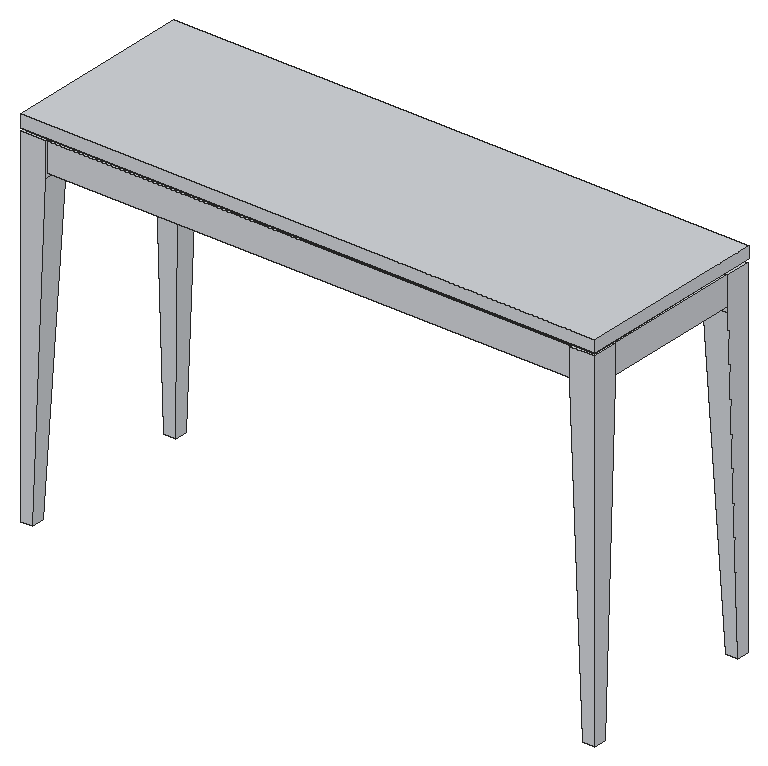
Revit family "1001 - Cindy Console Table - Tapered Legs", category Furniture, Revit 2020
Family settings
  OmniClass Number = 23.40.20.00
  OmniClass Title = General Furniture and Specialties
  Work Plane-Based = No
  Always vertical = Yes
  Cut with Voids When Loaded = No
  Shared = No
  Room Calculation Point = No
Parameters
  Default Elevation = 0 mm
Reference planes
  plane 1 "Center (Front/Back)": y = 0
  plane 2: z = 0
  plane 3 "Center (Left/Right)": x = 0
  plane 4: x = -600
  plane 5: x = 600
  plane 6: y = 200
  plane 7: y = -200
  plane 8: z = 660.003
  plane 9: z = 670.003
  plane 10: z = 730.003
  plane 11: z = 737.003
  plane 12: z = 762.003
  plane 13: x = -547.001
  plane 14: x = 547
  plane 15: x = -593
  plane 16: x = 593
  plane 17: y = 193
  plane 18: y = -193
  plane 19: y = -147
  plane 20: y = 147
  plane 21: y = -197
  plane 22: x = -597
  plane 23: x = -577
  plane 24: y = -177
Forms (mm)
  SweptBlend 1, solid
    path origin (0, 0, 0) x (1, 0, 0) y (0, 0, 1)
      loop
        line (-600, 0) -> (-600, 660.003)
    profile origin (-600, 0, 0) x (-1, 0, 0) y (0, -1, 0)
      loop
        line (-1, 199) -> (-25.999, 199) -> (-25.999, 174) -> (-1, 174) -> (-1, 199)
    end profile origin (-600, 0, 660.003) x (-1, 0, 0) y (0, -1, 0)
      loop
        line (-1, 199) -> (-52.999, 199) -> (-52.999, 147) -> (-1, 147) -> (-1, 199)
  Extrusion 2, solid
    sketch origin (0, 0, 0) x (1, 0, 0) y (0, 1, 0)
      loop
        line (-599, -199) -> (-547.001, -199) -> (-547.001, -147) -> (-599, -147) -> (-599, -199)
    from 660.003 to 730.003
  SweptBlend 3, solid
    path origin (0, 0, 0) x (-1, 0, 0) y (0, 0, 1)
      loop
        line (-600, 0) -> (-600, 660.003)
    profile origin (600, 0, 0) x (-1, 0, 0) y (0, -1, 0)
      loop
        line (1, 199) -> (1, 174) -> (25.999, 174) -> (25.999, 199) -> (1, 199)
    end profile origin (600, 0, 660.003) x (-1, 0, 0) y (0, -1, 0)
      loop
        line (1, 199) -> (1, 147) -> (52.999, 147) -> (52.999, 199) -> (1, 199)
  Extrusion 4, solid
    sketch origin (0, 0, 0) x (-1, 0, 0) y (0, -1, 0)
      loop
        line (-599, 199) -> (-599, 147) -> (-547.001, 147) -> (-547.001, 199) -> (-599, 199)
    from 660.003 to 730.003
  SweptBlend 5, solid
    path origin (0, 0, 0) x (1, 0, 0) y (0, 0, -1)
      loop
        line (-600, 0) -> (-600, -660.003)
    profile origin (-600, 0, 0) x (1, 0, 0) y (0, 1, 0)
      loop
        line (1, 199) -> (1, 174) -> (25.999, 174) -> (25.999, 199) -> (1, 199)
    end profile origin (-600, 0, 660.003) x (1, 0, 0) y (0, 1, 0)
      loop
        line (1, 199) -> (1, 147) -> (52.999, 147) -> (52.999, 199) -> (1, 199)
  Extrusion 6, solid
    sketch origin (0, 0, 0) x (1, 0, 0) y (0, 1, 0)
      loop
        line (-599, 199) -> (-599, 147) -> (-547.001, 147) -> (-547.001, 199) -> (-599, 199)
    from 660.003 to 730.003
  SweptBlend 7, solid
    path origin (0, 0, 0) x (-1, 0, 0) y (0, 0, 1)
      loop
        line (-600, 0) -> (-600, 660.003)
    profile origin (600, 0, 0) x (1, 0, 0) y (0, 1, 0)
      loop
        line (-1, 199) -> (-25.999, 199) -> (-25.999, 174) -> (-1, 174) -> (-1, 199)
    end profile origin (600, 0, 660.003) x (1, 0, 0) y (0, 1, 0)
      loop
        line (-1, 199) -> (-52.999, 199) -> (-52.999, 147) -> (-1, 147) -> (-1, 199)
  Extrusion 8, solid
    sketch origin (0, 0, 0) x (-1, 0, 0) y (0, -1, 0)
      loop
        line (-599, -199) -> (-547.001, -199) -> (-547.001, -147) -> (-599, -147) -> (-599, -199)
    from 660.003 to 730.003
  Extrusion 9, solid
    sketch origin (0, 0, 0) x (1, 0, 0) y (0, 1, 0)
      loop
        line (-547.001, -177) -> (-547.001, -197) -> (547, -197) -> (547, -177) -> (-547.001, -177)
    from 670.003 to 730.003
  Extrusion 10, solid
    sketch origin (0, 0, 0) x (1, 0, 0) y (0, 1, 0)
      loop
        line (-577, 147) -> (-597, 147) -> (-597, -147) -> (-577, -147) -> (-577, 147)
    from 670.003 to 730.003
  Extrusion 11, solid
    sketch origin (0, 0, 0) x (-1, 0, 0) y (0, -1, 0)
      loop
        line (-577, -147) -> (-577, 147) -> (-597, 147) -> (-597, -147) -> (-577, -147)
    from 670.003 to 730.003
  Extrusion 12, solid
    sketch origin (0, 0, 0) x (1, 0, 0) y (0, 1, 0)
      loop
        line (-547.001, 177) -> (547, 177) -> (547, 197) -> (-547.001, 197) -> (-547.001, 177)
    from 670.003 to 730.003
  Extrusion 13, solid
    sketch origin (0, 0, 0) x (1, 0, 0) y (0, 1, 0)
      loop
        line (-593, -193) -> (593, -193) -> (593, 193) -> (-593, 193) -> (-593, -193)
    from 730.003 to 737.003
  Extrusion 14, solid
    sketch origin (0, 0, 0) x (1, 0, 0) y (0, 0, 1)
      loop
        line (-600, 762.003) -> (-600, 737.003) -> (600, 737.003) -> (600, 762.003) -> (-600, 762.003)
    from -200 to 200
Cuts and joins
  joined: SweptBlend 1, Extrusion 2
  joined: SweptBlend 5, Extrusion 6
  joined: SweptBlend 3, Extrusion 4
  joined: SweptBlend 7, Extrusion 8
Dimensions and locks
  aligned and locked: level to plane 2
